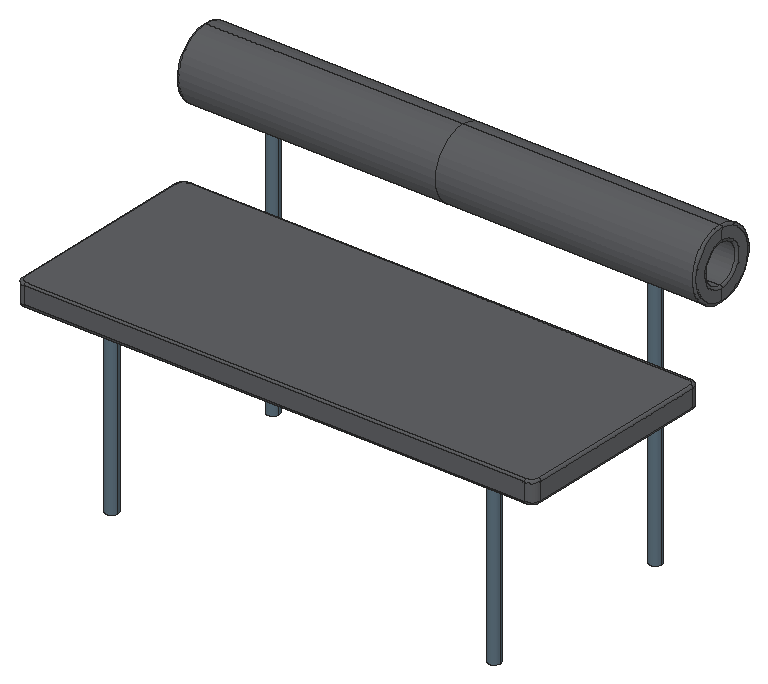
Revit family "Font_Sofa_1200_Offecct", category Furniture, Revit 2018
Family settings
  OmniClass Number = 23.40.20.14.14.14
  OmniClass Title = Settees, Sofas
  Work Plane-Based = No
  Always vertical = Yes
  Cut with Voids When Loaded = No
  Shared = No
  Room Calculation Point = No
Parameters (values of type "Font sofa 1200 mm")
  WarrantyStartDate [instance] = "n/a"
  WarrantyGuarantorParts = "n/a"
  WarrantyGuarantorLabor = "n/a"
  WarrantyDurationUnit = "Year"
  WarrantyDurationParts = "n/a"
  WarrantyDurationLabor = "n/a"
  WarrantyDescription = "n/a"
  VersionDate = "21/01/2021"  # constant formula
  Version = "1"  # constant formula
  Uniclass2015Reference = "Pr_40_50_12_81"
  Uniclass2015Description = "Sofas"
  Uniclass2 = "Pr_40_50_12_81"
  URL = "https://www.offecct.com/product/font/"
  Type Comments = ""
  TagNumber [instance] = "n/a"
  SustainabilityPerformance = "n/a"
  Style = "n/a"
  SofaSecondaryMaterial [instance] = Dark blue steel
  SofaMainMaterial [instance] = Kvadrat Halligndal 180
  Size = "1200x625x755 mm"
  Shape = "Sculptured"
  SerialNumber [instance] = "n/a"
  SeatingHeight = 460 mm
  Revision = "n/a"
  ReplacementCost = "n/a"
  ProductInformation = "ont is a sofa system designed for Nationalmuseum\r\n\r\nNationalmuseum, which originally opened in Stockholm in 1866, was reinaugurated in 2018 after a five-year renovation.\r\n\r\n“Font is based on a simple form with a round backrest, which gives the furniture its graphic expression and character, and indeed also inspired the name. The challenge was to achieve the right height and softness, and also a construction that enables you to use Font in a context outside of the museum”, says Matti Klenell."
  NominalLength = 1200 mm
  NominalHeight = 755 mm
  NominalDepth = 625 mm
  Name = "Font sofa"
  ModelReference = "n/a"
  ModelNumber = "10124"
  Material = "Steel & fabric"
  ManufacturerURL = "https://www.offecct.com/"
  ManufacturerName = "Offecct"
  Model = "Font sofa 1200mm"
  Manufacturer = "Offecct"
  MainColor = "Various"
  LowestSeatingHeight = SeatingHeight  # 460 mm
  InstallationDate [instance] = "n/a"
  IfcExportType = "SOFA"  # constant formula
  IfcExportAs = "IfcFurnishingElementType"  # constant formula
  HighestSeatingHeight = SeatingHeight  # 460 mm
  Grade = "n/a"
  Finish = "n/a"
  Features = "Available for the United States market. Base in wood and metal. Seat and back in cold foam wrapped in flameproof fiber. Upholstered in fabric or leather. Standard leather Elmo Soft. Extra seams occur when selecting leather. Frame in metal lacquered grey RAL 7022 with black ABS glides. Test standard: EN 16139:2013 Report nr: 857070-3"
  ExpectedLife = "n/a"
  DurationUnit = "Year"
  Designer = "Matti Klenell"
  Description = "ont is a sofa system designed for Nationalmuseum\r\n\r\nNationalmuseum, which originally opened in Stockholm in 1866, was reinaugurated in 2018 after a five-year renovation.\r\n\r\n“Font is based on a simple form with a round backrest, which gives the furniture its graphic expression and character, and indeed also inspired the name. The challenge was to achieve the right height and softness, and also a construction that enables you to use Font in a context outside of the museum”, says Matti Klenell."
  Cost = 0
  ConvergoRefNr = "0019-2101-0006-SE"
  Constituents = "n/a"
  Color = "Multiple"
  CodePerformance = "n/a"
  Barcode [instance] = "n/a"
  AssetIdentifier [instance] = "n/a"
  Category = "Sofa"
  Brand = "Offecct"
  BIMObjectName = "Font_Sofa_1200_Offecct"
  AssetType = "Movable"
  AccessibilityPerformance = "n/a"
Reference planes
  plane 1 "Center (Front/Back)": y = 0
  plane 2: z = 0
  plane 3 "Center (Left/Right)": x = 0
  plane 4: x = -600
  plane 5: x = 600
  plane 6: y = 312.5
  plane 7: y = -312.5
  plane 8: z = 460
  plane 9: z = 755
Dimensions and locks
  equal spacing: plane 4, plane 3 "Center (Left/Right)", plane 5
  "NominalLength": plane 4 to plane 5
  equal spacing: plane 6, plane 1 "Center (Front/Back)", plane 7
  "NominalDepth": plane 6 to plane 7
  "NominalHeight": plane 9 to level
  "SeatingHeight": plane 8 to level
  aligned and locked: level to plane 2
Nested families
  nested 1: "sofa 1200" at (0, 0, 0), Material 1 <- "SofaMainMaterial", Material 2 <- "SofaSecondaryMaterial", type "sofa"
    with Material 2 Dark blue steel, Material 1 Kvadrat Halligndal 180
Definition of nested family "sofa 1200"
  Parameters (values of type "sofa 1200")
    Material 2 [instance] = none
    Material 1 [instance] = none
  Reference planes
    plane 1 "Center (Front/Back)": y = 0
    plane 2: z = 0
    plane 3 "Center (Left/Right)": x = 0
    plane 4: x = -600
    plane 5: y = 312.5
    plane 6: x = 600
    plane 7: y = -312.5
    plane 8: z = 755
    plane 9: z = 460
  Forms (mm)
    Extrusion 1, solid, material <- "Material 1", detail levels medium+fine
      sketch origin (0, 0, 0) x (1, 0, 0) y (0, 1, 0)
        loop
          arc (-580, 167.5) -> (-594.142, 161.642) -> (-600, 147.5) r 20
          line (-600, 147.5) -> (-600, -292.5)
          arc (-600, -292.5) -> (-594.142, -306.642) -> (-580, -312.5) r 20
          line (-580, -312.5) -> (580, -312.5)
          arc (580, -312.5) -> (594.142, -306.642) -> (600, -292.5) r 20
          line (600, -292.5) -> (600, 147.5)
          arc (600, 147.5) -> (594.142, 161.642) -> (580, 167.5) r 20
          line (580, 167.5) -> (-580, 167.5)
      from 410 to 460
    Extrusion 2, solid, material <- "Material 2", detail levels medium+fine
      sketch origin (0, 0, 0) x (1, 0, 0) y (0, 1, 0)
        loop
          circle (-442.978, 236.505) r 14
        loop
          circle (442.978, 236.505) r 14
      from 0 to 668.935
    Extrusion 3, solid, material <- "Material 2", detail levels medium+fine
      sketch origin (0, 5.943, 0) x (1, 0, 0) y (0, 1, 0)
        loop
          circle (-442.978, -236.505) r 14
        loop
          circle (442.978, -236.505) r 14
      from 0 to 410
    Revolve 4, solid, material <- "Material 1", detail levels medium+fine
      sketch origin (0, 232.498, 0) x (1, 0, 0) y (0, 0, 1)
        loop
          line (0, 755) -> (-595, 755)
          arc (-595, 755) -> (-598.536, 753.536) -> (-600, 750) r 5
          line (-600, 750) -> (-600, 725)
          arc (-600, 725) -> (-598.536, 721.464) -> (-595, 720) r 5
          line (-595, 720) -> (-520, 720) -> (-520, 675) -> (0, 675) -> (520, 675) -> (520, 720) -> (595, 720)
          arc (595, 720) -> (598.536, 721.464) -> (600, 725) r 5
          line (600, 725) -> (600, 750)
          arc (600, 750) -> (598.536, 753.536) -> (595, 755) r 5
          line (595, 755) -> (0, 755)
        axis (-600, 675) -> (600, 675)
      angle from 0 to 360
    Extrusion 5, solid, material <- "Material 2", detail levels medium+fine
      sketch origin (0, 0, 0) x (1, 0, 0) y (0, 0, 1)
        loop
          line (-445.478, 410) -> (-445.478, 340) -> (-440.478, 340) -> (-440.478, 410) -> (-445.478, 410)
        loop
          line (445.478, 410) -> (440.478, 410) -> (440.478, 340) -> (445.478, 340) -> (445.478, 410)
      from -234.386 to 233.192
    Extrusion 6, solid, material <- "Material 2", detail levels medium+fine
      sketch origin (0, 0, 0) x (1, 0, 0) y (0, 0, 1)
        loop
          line (-440.478, 410) -> (-440.478, 345) -> (-435.478, 345) -> (-435.478, 405) -> (-435.478, 410) -> (-440.478, 410)
        loop
          line (435.478, 405) -> (435.478, 345) -> (440.478, 345) -> (440.478, 410) -> (435.478, 410) -> (435.478, 405)
      from -17.5 to 162.5
    Extrusion 7, solid, material <- "Material 2", detail levels medium+fine
      sketch origin (0, 0, 0) x (0, 1, 0) y (0, 0, 1)
        loop
          line (-167.5, 405) -> (-167.5, 340) -> (-162.5, 340) -> (-162.5, 405) -> (-167.5, 405)
        loop
          line (22.5, 405) -> (17.5, 405) -> (17.5, 340) -> (22.5, 340) -> (22.5, 405)
      from -440.478 to 440.478
    Extrusion 8, solid, material <- "Material 2", detail levels medium+fine
      sketch origin (0, 0, 0) x (0, 1, 0) y (0, 0, 1)
        loop
          line (-162.5, 410) -> (-162.5, 405) -> (-122.5, 405) -> (-122.5, 410) -> (-162.5, 410)
        loop
          line (-22.5, 410) -> (-22.5, 405) -> (17.5, 405) -> (17.5, 410) -> (-22.5, 410)
      from 13.106 to 435.478
    Extrusion 9, solid, material <- "Material 2", detail levels medium+fine
      sketch origin (0, 0, 0) x (0, 1, 0) y (0, 0, -1)
        loop
          line (-162.5, -410) -> (-122.5, -410) -> (-122.5, -405) -> (-162.5, -405) -> (-162.5, -410)
        loop
          line (-22.5, -410) -> (17.5, -410) -> (17.5, -405) -> (-22.5, -405) -> (-22.5, -410)
      from 13.106 to 435.478
    Extrusion 10, solid, material <- "Material 2", detail levels medium+fine
      sketch origin (119.79, 748.805, 0) x (0, 1, 0) y (0, 0, 1)
        loop
          arc (-804.934, 405) -> (-806.322, 404.659) -> (-807.395, 403.715) r 3
          arc (-807.395, 403.715) -> (-821.305, 396.453) -> (-835.215, 403.715) r 16.953
          arc (-835.215, 403.715) -> (-836.289, 404.659) -> (-837.677, 405) r 3
          line (-837.677, 405) -> (-906.305, 405) -> (-906.305, 345) -> (-736.305, 345) -> (-736.305, 405) -> (-804.934, 405)
      from 0.21 to 5.21
    Extrusion 11, void
      sketch origin (0, 0, 0) x (1, 0, 0) y (0, 0, 1)
        loop
          line (0, 410) -> (-15, 410)
          arc (-15, 410) -> (0, 395) -> (15, 410) r 15
          line (15, 410) -> (0, 410)
      from -95.936 to 250
    Sweep 12, void
      path in 3D
        loop
          line (580, -312.5, 460) -> (-580, -312.5, 460)
          arc (-580, -312.5, 460) -> (-594.142, -306.642, 460) -> (-600, -292.5, 460) r 20
          line (-600, -292.5, 460) -> (-600, 147.5, 460)
          arc (-600, 147.5, 460) -> (-594.142, 161.642, 460) -> (-580, 167.5, 460) r 20
          line (-580, 167.5, 460) -> (580, 167.5, 460)
          arc (580, 167.5, 460) -> (594.142, 161.642, 460) -> (600, 147.5, 460) r 20
          line (600, 147.5, 460) -> (600, -292.5, 460)
          arc (600, -292.5, 460) -> (594.142, -306.642, 460) -> (580, -312.5, 460) r 20
      profile origin (580, -312.5, 460) x (0, 1, 0) y (0, 0, 1)
        loop
          line (0, 0) -> (0, -5)
          arc (0, -5) -> (1.464, -1.464) -> (5, 0) r 5
          line (5, 0) -> (0, 0)
        loop
          line (0, -50) -> (5, -50)
          arc (5, -50) -> (1.464, -48.536) -> (0, -45) r 5
          line (0, -45) -> (0, -50)
    Extrusion 13, solid, material <- "Material 1", detail levels coarse
      sketch origin (0, 0, 0) x (1, 0, 0) y (0, 1, 0)
        loop
          line (-600, 312.5) -> (-600, -312.5) -> (600, -312.5) -> (600, 312.5) -> (-600, 312.5)
      from 0 to 755
  Cuts and joins
    Extrusion 11, Sweep 12 cuts Extrusion 1
    Sweep 12 cuts Revolve 4
    joined: Extrusion 1, Revolve 4
    Extrusion 11 cuts Extrusion 8
    Extrusion 11 cuts Extrusion 9
    joined: Extrusion 6, Extrusion 8, Extrusion 9
    Sweep 12 cuts Extrusion 2
    Sweep 12 cuts Extrusion 3
    Sweep 12 cuts Extrusion 5
    Extrusion 11, Sweep 12 cuts Extrusion 7
    Sweep 12 cuts Extrusion 10
    joined: Extrusion 2, Extrusion 3, Extrusion 5, Extrusion 7, Extrusion 10
  Lines and regions (mm)
    sketch lines
      curve 1: arc (600, -292.5, 460) -> (594.142, -306.642, 460) -> (580, -312.5, 460) r 20
      curve 2: arc (580, 167.5, 460) -> (594.142, 161.642, 460) -> (600, 147.5, 460) r 20
      curve 3: arc (-580, -312.5, 460) -> (-594.142, -306.642, 460) -> (-600, -292.5, 460) r 20
      curve 4: arc (-600, 147.5, 460) -> (-594.142, 161.642, 460) -> (-580, 167.5, 460) r 20
      curve 5: line (580, 167.5, 460) -> (-580, 167.5, 460)
      curve 6: line (-600, 147.5, 460) -> (-600, -292.5, 460)
      curve 7: line (-580, -312.5, 460) -> (580, -312.5, 460)
      curve 8: line (600, -292.5, 460) -> (600, 147.5, 460)
    symbolic lines, detail levels medium+fine
      curve 9: line (0, 312.5, 0) -> (-595, 312.5, 0)
      curve 10: line (-600, 307.5, 0) -> (-600, 157.5, 0)
      curve 11: line (-580, -312.5, 0) -> (0, -312.5, 0)
      curve 13: arc (-600, 307.5, 0) -> (-598.536, 311.036, 0) -> (-595, 312.5, 0) r 5
      curve 14: arc (-600, -292.5, 0) -> (-594.142, -306.642, 0) -> (-580, -312.5, 0) r 20
      curve 15: line (-600, 148.449, 0) -> (-600, -292.5, 0)
      curve 16: arc (-600, 157.5, 0) -> (-599.713, 155.831, 0) -> (-598.885, 154.353, 0) r 5
      curve 17: arc (-598.885, 154.353, 0) -> (-599.719, 151.453, 0) -> (-600, 148.449, 0) r 16.194
      curve 19: line (0, 312.5, 0) -> (595, 312.5, 0)
      curve 20: line (600, 307.5, 0) -> (600, 157.5, 0)
      curve 21: line (580, -312.5, 0) -> (0, -312.5, 0)
      curve 23: arc (600, 307.5, 0) -> (598.536, 311.036, 0) -> (595, 312.5, 0) r 5
      curve 24: arc (600, -292.5, 0) -> (594.142, -306.642, 0) -> (580, -312.5, 0) r 20
      curve 25: line (600, 148.449, 0) -> (600, -292.5, 0)
      curve 26: arc (600, 157.5, 0) -> (599.713, 155.831, 0) -> (598.885, 154.353, 0) r 5
      curve 27: arc (598.885, 154.353, 0) -> (599.719, 151.453, 0) -> (600, 148.449, 0) r 16.194
      curve 29: line (0, 0, 755) -> (-595, 0, 755)
      curve 30: line (-600, 0, 750) -> (-600, 0, 600)
      curve 32: line (-428.978, 0, 0) -> (-428.978, 0, 340)
      curve 33: line (-456.978, 0, 0) -> (-456.978, 0, 410)
      curve 36: line (-600, 0, 415) -> (-600, 0, 455)
      curve 38: line (0, 0, 340) -> (-428.978, 0, 340)
      curve 39: line (-456.978, 0, 460) -> (-595, 0, 460)
      curve 40: line (-456.978, 0, 460) -> (-456.978, 0, 595)
      curve 44: line (-456.978, 0, 410) -> (-595, 0, 410)
      curve 48: arc (-600, 0, 750) -> (-598.536, 0, 753.536) -> (-595, 0, 755) r 5
      curve 49: arc (-600, 0, 600) -> (-598.536, 0, 596.464) -> (-595, 0, 595) r 5
      curve 50: arc (-600, 0, 455) -> (-598.536, 0, 458.536) -> (-595, 0, 460) r 5
      curve 51: arc (-600, 0, 415) -> (-598.536, 0, 411.464) -> (-595, 0, 410) r 5
      curve 53: line (-456.978, 0, 0) -> (-428.978, 0, 0)
      curve 54: line (-456.978, 0, 595) -> (-595, 0, 595)
      curve 56: line (0, 0, 755) -> (595, 0, 755)
      curve 57: line (600, 0, 750) -> (600, 0, 600)
      curve 59: line (428.978, 0, 0) -> (428.978, 0, 340)
      curve 60: line (456.978, 0, 0) -> (456.978, 0, 410)
      curve 63: line (600, 0, 415) -> (600, 0, 455)
      curve 65: line (0, 0, 340) -> (428.978, 0, 340)
      curve 66: line (456.978, 0, 460) -> (595, 0, 460)
      curve 67: line (456.978, 0, 460) -> (456.978, 0, 595)
      curve 71: line (456.978, 0, 410) -> (595, 0, 410)
      curve 75: arc (600, 0, 750) -> (598.536, 0, 753.536) -> (595, 0, 755) r 5
      curve 76: arc (600, 0, 600) -> (598.536, 0, 596.464) -> (595, 0, 595) r 5
      curve 77: arc (600, 0, 455) -> (598.536, 0, 458.536) -> (595, 0, 460) r 5
      curve 78: arc (600, 0, 415) -> (598.536, 0, 411.464) -> (595, 0, 410) r 5
      curve 80: line (456.978, 0, 0) -> (428.978, 0, 0)
      curve 81: line (456.978, 0, 595) -> (595, 0, 595)
      curve 83: line (0, -244.562, 0) -> (0, -244.562, 410)
      curve 84: line (0, -244.562, 0) -> (0, -216.562, 0)
      curve 85: line (0, -216.562, 0) -> (0, -216.562, 340)
      curve 86: line (0, -216.562, 340) -> (0, 222.505, 340.011)
      curve 88: line (0, 222.505, 0) -> (0, 250.505, 0)
      curve 89: line (0, 222.505, 0) -> (0, 222.505, 340.011)
      curve 90: line (0, 250.505, 0) -> (0, 250.505, 597.05)
      curve 91: line (0, 0, 460) -> (0, -307.5, 460)
      curve 92: line (0, -244.562, 410) -> (0, -307.5, 410)
      curve 93: line (0, 0, 460) -> (0, 162.645, 460)
      curve 94: line (0, 167.645, 455) -> (0, 167.645, 415)
      curve 95: arc (0, 167.645, 415) -> (0, 166.059, 411.346) -> (0, 162.306, 410.009) r 5.002
      curve 96: arc (0, 167.645, 455) -> (0, 166.181, 458.536) -> (0, 162.645, 460) r 5
      curve 97: line (0, -312.5, 455) -> (0, -312.5, 415)
      curve 98: arc (0, -307.5, 460) -> (0, -311.036, 458.536) -> (0, -312.5, 455) r 5
      curve 99: arc (0, -312.5, 415) -> (0, -311.036, 411.464) -> (0, -307.5, 410) r 5
      curve 102: arc (0, 250.505, 597.05) -> (0, 228.429, 754.896) -> (0, 222.505, 595.623) r 80.002
      curve 104: line (0, 222.505, 410.011) -> (0, 222.505, 595.623)
      curve 106: line (0, 162.306, 410.009) -> (0, 222.505, 410.011)
    symbolic lines, detail levels fine
      curve 12: line (0, 152.5, 0) -> (-595, 152.5, 0)
      curve 18: arc (-598.885, 154.353, 0) -> (-597.152, 152.987, 0) -> (-595, 152.5, 0) r 5
      curve 22: line (0, 152.5, 0) -> (595, 152.5, 0)
      curve 28: arc (598.885, 154.353, 0) -> (597.152, 152.987, 0) -> (595, 152.5, 0) r 5
      curve 31: line (0, 0, 595) -> (-428.978, 0, 595)
      curve 34: line (0, 0, 460) -> (-428.978, 0, 460)
      curve 35: line (-15, 0, 410) -> (-428.978, 0, 410)
      curve 37: line (-428.978, 0, 405) -> (-14.142, 0, 405)
      curve 41: line (-428.978, 0, 460) -> (-456.978, 0, 460)
      curve 42: line (-428.978, 0, 460) -> (-428.978, 0, 595)
      curve 43: line (-428.978, 0, 410) -> (-456.978, 0, 410)
      curve 45: line (-428.978, 0, 405) -> (-428.978, 0, 410)
      curve 46: line (-428.978, 0, 340) -> (-428.978, 0, 405)
      curve 47: arc (-15, 0, 410) -> (-10.607, 0, 399.393) -> (0, 0, 395) r 15
      curve 52: line (-15, 0, 410) -> (0, 0, 410)
      curve 55: line (-428.978, 0, 595) -> (-456.978, 0, 595)
      curve 58: line (0, 0, 595) -> (428.978, 0, 595)
      curve 61: line (0, 0, 460) -> (428.978, 0, 460)
      curve 62: line (15, 0, 410) -> (428.978, 0, 410)
      curve 64: line (428.978, 0, 405) -> (14.142, 0, 405)
      curve 68: line (428.978, 0, 460) -> (456.978, 0, 460)
      curve 69: line (428.978, 0, 460) -> (428.978, 0, 595)
      curve 70: line (428.978, 0, 410) -> (456.978, 0, 410)
      curve 72: line (428.978, 0, 405) -> (428.978, 0, 410)
      curve 73: line (428.978, 0, 340) -> (428.978, 0, 405)
      curve 74: arc (15, 0, 410) -> (10.607, 0, 399.393) -> (0, 0, 395) r 15
      curve 79: line (15, 0, 410) -> (0, 0, 410)
      curve 82: line (428.978, 0, 595) -> (456.978, 0, 595)
      curve 87: line (0, -216.562, 410) -> (0, 162.306, 410.009)
      curve 100: arc (0, 232.498, 630) -> (0, 187.498, 675) -> (0, 232.498, 720) r 45
      curve 101: arc (0, 232.498, 720) -> (0, 277.498, 675) -> (0, 232.498, 630) r 45
      curve 103: arc (0, 222.505, 595.623) -> (0, 236.568, 595.1) -> (0, 250.505, 597.05) r 80.002
      curve 105: line (0, 222.505, 340.011) -> (0, 222.505, 410.011)
      curve 107: line (0, -216.562, 340) -> (0, -216.562, 410)
      curve 108: line (0, -216.562, 410) -> (0, -244.562, 410)
  Dimensions and locks
    plane 8 to level = 755 mm
    plane 9 to level = 460 mm
    aligned and locked: level to plane 2
